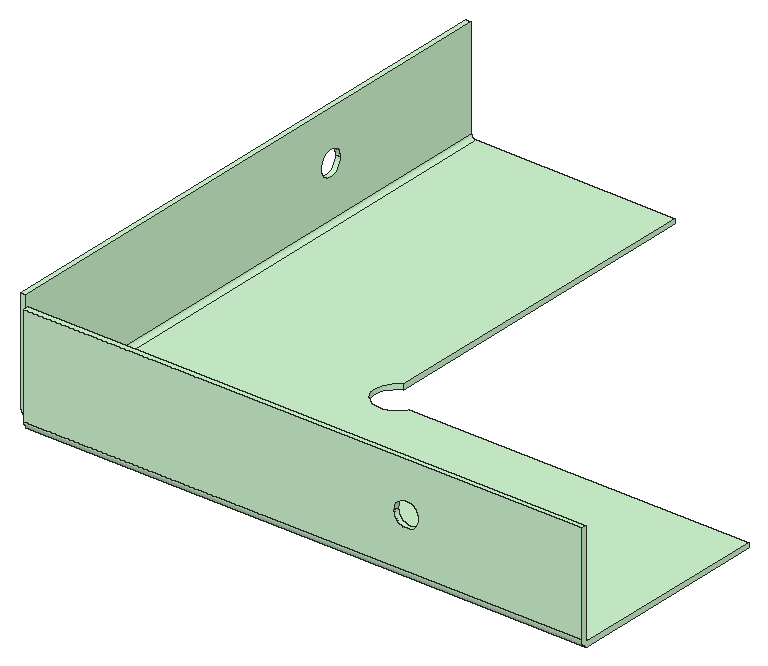
Revit family "35lbarj_el3520_in", category 機械設備, Revit 2022
Family settings
  丸型コネクタ寸法 = 直径を使用
  種別 = なし
  パーツ タイプ = 標準
  作業面ベース = いいえ
  常に垂直 = はい
  ロード時にボイドで切り取り = いいえ
  注釈の向きを維持 = いいえ
  共有 = いいえ
  部屋計算ポイント = いいえ
Parameters
  製造元 = "株式会社桐井製作所"
  既定の高さ = 0 mm
  URL = "https://www.kirii.co.jp/"
  K_材質 = "溶融亜鉛めっき鋼板及び鋼帯 SGCC 一般用"
  K_品名 = "35Lバー入隅J-eL3520(ビス)"
  K_名称 = "Lバージョイント"
  K_入数 = "200"
  K_備考 = "対象Lバー:eL3520(35面)"
  K_バージョン情報 = "20220915"
  K_めっき付着量 = "Z12"
  K_JIS規格 = "JIS G 3302"
Reference planes
  plane 1 "中心(正面/背面)": y = 0
  plane 2: z = 0
  plane 3 "中心(左/右)": x = 0
Forms (mm)
  Extrusion 1, solid
    sketch origin (-0.8, 0, 0) x (-1, 0, 0) y (0, 0, -1)
      loop
        line (0, -17.5) -> (0, -1.5)
        arc (0, -1.5) -> (-0.439, -0.439) -> (-1.5, 0) r 1.5
        line (-1.5, 0) -> (-33.3, 0) -> (-33.3, -0.8) -> (-1.5, -0.8)
        arc (-1.5, -0.8) -> (-1.005, -1.005) -> (-0.8, -1.5) r 0.7
        line (-0.8, -1.5) -> (-0.8, -17.5) -> (0, -17.5)
    from -91.2 to -2.2
  Extrusion 2, solid
    sketch origin (0, 0, 0.8) x (0, 1, 0) y (0, 0, 1)
      loop
        arc (-0.8, 0.7) -> (-0.361, -0.361) -> (0.7, -0.8) r 1.5
        line (0.7, -0.8) -> (32.5, -0.8) -> (32.5, 0) -> (0.7, 0)
        arc (0.7, 0) -> (0.205, 0.205) -> (0, 0.7) r 0.7
        line (0, 0.7) -> (0, 16.7) -> (-0.8, 16.7) -> (-0.8, 0.7)
    from 2.2 to 91.2
  Extrusion 3, void
    sketch origin (0, 3.2, -3.945) x (0, 1, 0) y (0, 0, 1)
      loop
        circle (60, 13.5) r 2
    from -0.8 to 0
  Extrusion 4, void
    sketch origin (3.287, 0, -3.913) x (1, 0, 0) y (0, 0, 1)
      loop
        circle (60, 13.5) r 2
    from 0 to 0.8
  Extrusion 5, void
    sketch origin (5.5, 5.5, 0) x (1, 0, 0) y (0, 1, 0)
      loop
        line (27, 27) -> (27, 31.705)
        arc (27, 31.705) -> (25.895, 26.062) -> (31.568, 27) r 3.5
        line (31.568, 27) -> (27, 27)
    from 0 to 0.8
Cuts and joins
  Extrusion 3, Extrusion 4, Extrusion 5 cuts Extrusion 1
  Extrusion 3, Extrusion 4, Extrusion 5 cuts Extrusion 2
  joined: Extrusion 1, Extrusion 2
Dimensions and locks
  aligned and locked: level to plane 2
